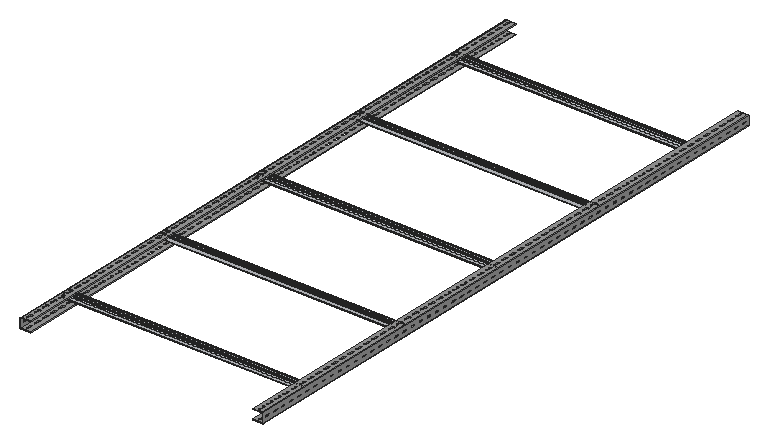
Revit family "steigeleiter_1200_FT", category Generic Models, Revit 2017 (continued)
Forms (mm)
  Extrusion 306, void
    sketch origin (0, 250, 0) x (0, 1, 0) y (0, 0, 1)
      loop
        arc (34.5, 19.5) -> (40, 25) -> (34.5, 30.5) r 5.5
    from -600 to -597.5
  Extrusion 307, void
    sketch origin (0, 300, 0) x (0, 1, 0) y (0, 0, 1)
      loop
        line (34.5, 30.5) -> (15.5, 30.5)
        arc (15.5, 30.5) -> (10, 25) -> (15.5, 19.5) r 5.5
        line (15.5, 19.5) -> (34.5, 19.5)
        arc (34.5, 19.5) -> (40, 25) -> (34.5, 30.5) r 5.5
    from -600 to -597.5
  Extrusion 308, void
    sketch origin (0, 350, 0) x (0, 1, 0) y (0, 0, 1)
      loop
        line (34.5, 30.5) -> (15.5, 30.5)
        arc (15.5, 30.5) -> (10, 25) -> (15.5, 19.5) r 5.5
        line (15.5, 19.5) -> (34.5, 19.5)
        arc (34.5, 19.5) -> (40, 25) -> (34.5, 30.5) r 5.5
    from -600 to -597.5
  Extrusion 309, void
    sketch origin (0, 400, 0) x (0, 1, 0) y (0, 0, 1)
      loop
        line (34.5, 30.5) -> (15.5, 30.5)
        arc (15.5, 30.5) -> (10, 25) -> (15.5, 19.5) r 5.5
        line (15.5, 19.5) -> (34.5, 19.5)
        arc (34.5, 19.5) -> (40, 25) -> (34.5, 30.5) r 5.5
    from -600 to -597.5
  Extrusion 310, void
    sketch origin (0, 450, 0) x (0, 1, 0) y (0, 0, 1)
      loop
        line (34.5, 30.5) -> (15.5, 30.5)
        arc (15.5, 30.5) -> (10, 25) -> (15.5, 19.5) r 5.5
        line (15.5, 19.5) -> (34.5, 19.5)
        arc (34.5, 19.5) -> (40, 25) -> (34.5, 30.5) r 5.5
    from -600 to -597.5
  Extrusion 311, void
    sketch origin (0, 500, 0) x (0, 1, 0) y (0, 0, 1)
      loop
        line (34.5, 30.5) -> (15.5, 30.5)
        arc (15.5, 30.5) -> (10, 25) -> (15.5, 19.5) r 5.5
        line (15.5, 19.5) -> (34.5, 19.5)
        arc (34.5, 19.5) -> (40, 25) -> (34.5, 30.5) r 5.5
    from -600 to -597.5
  Extrusion 312, void
    sketch origin (0, 550, 0) x (0, 1, 0) y (0, 0, 1)
      loop
        line (34.5, 30.5) -> (15.5, 30.5)
        arc (15.5, 30.5) -> (10, 25) -> (15.5, 19.5) r 5.5
        line (15.5, 19.5) -> (34.5, 19.5)
        arc (34.5, 19.5) -> (40, 25) -> (34.5, 30.5) r 5.5
    from -600 to -597.5
  Extrusion 313, void
    sketch origin (0, 600, 0) x (0, 1, 0) y (0, 0, 1)
      loop
        line (34.5, 30.5) -> (15.5, 30.5)
        arc (15.5, 30.5) -> (10, 25) -> (15.5, 19.5) r 5.5
        line (15.5, 19.5) -> (34.5, 19.5)
        arc (34.5, 19.5) -> (40, 25) -> (34.5, 30.5) r 5.5
    from -600 to -597.5
  Extrusion 314, void
    sketch origin (0, 650, 0) x (0, 1, 0) y (0, 0, 1)
      loop
        line (34.5, 30.5) -> (15.5, 30.5)
        arc (15.5, 30.5) -> (10, 25) -> (15.5, 19.5) r 5.5
        line (15.5, 19.5) -> (34.5, 19.5)
        arc (34.5, 19.5) -> (40, 25) -> (34.5, 30.5) r 5.5
    from -600 to -597.5
  Extrusion 315, void
    sketch origin (0, 700, 0) x (0, 1, 0) y (0, 0, 1)
      loop
        line (34.5, 30.5) -> (15.5, 30.5)
        arc (15.5, 30.5) -> (10, 25) -> (15.5, 19.5) r 5.5
        line (15.5, 19.5) -> (34.5, 19.5)
        arc (34.5, 19.5) -> (40, 25) -> (34.5, 30.5) r 5.5
    from -600 to -597.5
  Extrusion 316, void
    sketch origin (0, 750, 0) x (0, 1, 0) y (0, 0, 1)
      loop
        line (34.5, 30.5) -> (15.5, 30.5)
        arc (15.5, 30.5) -> (10, 25) -> (15.5, 19.5) r 5.5
        line (15.5, 19.5) -> (34.5, 19.5)
        arc (34.5, 19.5) -> (40, 25) -> (34.5, 30.5) r 5.5
    from -600 to -597.5
  Extrusion 317, void
    sketch origin (0, 800, 0) x (0, 1, 0) y (0, 0, 1)
      loop
        line (34.5, 30.5) -> (15.5, 30.5)
        arc (15.5, 30.5) -> (10, 25) -> (15.5, 19.5) r 5.5
        line (15.5, 19.5) -> (34.5, 19.5)
        arc (34.5, 19.5) -> (40, 25) -> (34.5, 30.5) r 5.5
    from -600 to -597.5
  Extrusion 318, void
    sketch origin (0, 850, 0) x (0, 1, 0) y (0, 0, 1)
      loop
        line (34.5, 30.5) -> (15.5, 30.5)
        arc (15.5, 30.5) -> (10, 25) -> (15.5, 19.5) r 5.5
        line (15.5, 19.5) -> (34.5, 19.5)
        arc (34.5, 19.5) -> (40, 25) -> (34.5, 30.5) r 5.5
    from -600 to -597.5
  Extrusion 319, void
    sketch origin (0, 900, 0) x (0, 1, 0) y (0, 0, 1)
      loop
        line (34.5, 30.5) -> (15.5, 30.5)
        arc (15.5, 30.5) -> (10, 25) -> (15.5, 19.5) r 5.5
        line (15.5, 19.5) -> (34.5, 19.5)
        arc (34.5, 19.5) -> (40, 25) -> (34.5, 30.5) r 5.5
    from -600 to -597.5
  Extrusion 320, void
    sketch origin (0, 950, 0) x (0, 1, 0) y (0, 0, 1)
      loop
        line (34.5, 30.5) -> (15.5, 30.5)
        arc (15.5, 30.5) -> (10, 25) -> (15.5, 19.5) r 5.5
        line (15.5, 19.5) -> (34.5, 19.5)
        arc (34.5, 19.5) -> (40, 25) -> (34.5, 30.5) r 5.5
    from -600 to -597.5
  Extrusion 321, void
    sketch origin (0, 1000, 0) x (0, 1, 0) y (0, 0, 1)
      loop
        line (34.5, 30.5) -> (15.5, 30.5)
        arc (15.5, 30.5) -> (10, 25) -> (15.5, 19.5) r 5.5
        line (15.5, 19.5) -> (34.5, 19.5)
        arc (34.5, 19.5) -> (40, 25) -> (34.5, 30.5) r 5.5
    from -600 to -597.5
  Extrusion 322, void
    sketch origin (0, 1050, 0) x (0, 1, 0) y (0, 0, 1)
      loop
        line (34.5, 30.5) -> (15.5, 30.5)
        arc (15.5, 30.5) -> (10, 25) -> (15.5, 19.5) r 5.5
        line (15.5, 19.5) -> (34.5, 19.5)
        arc (34.5, 19.5) -> (40, 25) -> (34.5, 30.5) r 5.5
    from -600 to -597.5
  Extrusion 323, void
    sketch origin (0, 1100, 0) x (0, 1, 0) y (0, 0, 1)
      loop
        line (34.5, 30.5) -> (15.5, 30.5)
        arc (15.5, 30.5) -> (10, 25) -> (15.5, 19.5) r 5.5
        line (15.5, 19.5) -> (34.5, 19.5)
        arc (34.5, 19.5) -> (40, 25) -> (34.5, 30.5) r 5.5
    from -600 to -597.5
  Extrusion 324, void
    sketch origin (0, 1150, 0) x (0, 1, 0) y (0, 0, 1)
      loop
        line (34.5, 30.5) -> (15.5, 30.5)
        arc (15.5, 30.5) -> (10, 25) -> (15.5, 19.5) r 5.5
        line (15.5, 19.5) -> (34.5, 19.5)
        arc (34.5, 19.5) -> (40, 25) -> (34.5, 30.5) r 5.5
    from -600 to -597.5
  Extrusion 325, void
    sketch origin (0, 1200, 0) x (0, 1, 0) y (0, 0, 1)
      loop
        line (34.5, 30.5) -> (15.5, 30.5)
        arc (15.5, 30.5) -> (10, 25) -> (15.5, 19.5) r 5.5
        line (15.5, 19.5) -> (34.5, 19.5)
        arc (34.5, 19.5) -> (40, 25) -> (34.5, 30.5) r 5.5
    from -600 to -597.5
  Extrusion 326, void
    sketch origin (0, 1250, 0) x (0, 1, 0) y (0, 0, 1)
      loop
        line (34.5, 30.5) -> (15.5, 30.5)
        arc (15.5, 30.5) -> (10, 25) -> (15.5, 19.5) r 5.5
        line (15.5, 19.5) -> (34.5, 19.5)
        arc (34.5, 19.5) -> (40, 25) -> (34.5, 30.5) r 5.5
    from -600 to -597.5
  Extrusion 327, void
    sketch origin (0, 1300, 0) x (0, 1, 0) y (0, 0, 1)
      loop
        line (34.5, 30.5) -> (15.5, 30.5)
        arc (15.5, 30.5) -> (10, 25) -> (15.5, 19.5) r 5.5
        line (15.5, 19.5) -> (34.5, 19.5)
        arc (34.5, 19.5) -> (40, 25) -> (34.5, 30.5) r 5.5
    from -600 to -597.5
  Extrusion 328, void
    sketch origin (0, 1350, 0) x (0, 1, 0) y (0, 0, 1)
      loop
        line (34.5, 30.5) -> (15.5, 30.5)
        arc (15.5, 30.5) -> (10, 25) -> (15.5, 19.5) r 5.5
        line (15.5, 19.5) -> (34.5, 19.5)
        arc (34.5, 19.5) -> (40, 25) -> (34.5, 30.5) r 5.5
    from -600 to -597.5
  Extrusion 329, void
    sketch origin (0, 1400, 0) x (0, 1, 0) y (0, 0, 1)
      loop
        line (34.5, 30.5) -> (15.5, 30.5)
        arc (15.5, 30.5) -> (10, 25) -> (15.5, 19.5) r 5.5
        line (15.5, 19.5) -> (34.5, 19.5)
        arc (34.5, 19.5) -> (40, 25) -> (34.5, 30.5) r 5.5
    from -600 to -597.5
  Extrusion 330, void
    sketch origin (0, 1450, 0) x (0, 1, 0) y (0, 0, 1)
      loop
        line (34.5, 30.5) -> (15.5, 30.5)
        arc (15.5, 30.5) -> (10, 25) -> (15.5, 19.5) r 5.5
        line (15.5, 19.5) -> (34.5, 19.5)
        arc (34.5, 19.5) -> (40, 25) -> (34.5, 30.5) r 5.5
    from -600 to -597.5
  Extrusion 331, void
    sketch origin (0, 1500, 0) x (0, 1, 0) y (0, 0, 1)
      loop
        line (34.5, 30.5) -> (15.5, 30.5)
        arc (15.5, 30.5) -> (10, 25) -> (15.5, 19.5) r 5.5
        line (15.5, 19.5) -> (34.5, 19.5)
        arc (34.5, 19.5) -> (40, 25) -> (34.5, 30.5) r 5.5
    from -600 to -597.5
  Extrusion 332, void
    sketch origin (0, 1550, 0) x (0, 1, 0) y (0, 0, 1)
      loop
        line (34.5, 30.5) -> (15.5, 30.5)
        arc (15.5, 30.5) -> (10, 25) -> (15.5, 19.5) r 5.5
        line (15.5, 19.5) -> (34.5, 19.5)
        arc (34.5, 19.5) -> (40, 25) -> (34.5, 30.5) r 5.5
    from -600 to -597.5
  Extrusion 333, void
    sketch origin (0, 1600, 0) x (0, 1, 0) y (0, 0, 1)
      loop
        line (34.5, 30.5) -> (15.5, 30.5)
        arc (15.5, 30.5) -> (10, 25) -> (15.5, 19.5) r 5.5
        line (15.5, 19.5) -> (34.5, 19.5)
        arc (34.5, 19.5) -> (40, 25) -> (34.5, 30.5) r 5.5
    from -600 to -597.5
  Extrusion 334, void
    sketch origin (0, 1650, 0) x (0, 1, 0) y (0, 0, 1)
      loop
        line (34.5, 30.5) -> (15.5, 30.5)
        arc (15.5, 30.5) -> (10, 25) -> (15.5, 19.5) r 5.5
        line (15.5, 19.5) -> (34.5, 19.5)
        arc (34.5, 19.5) -> (40, 25) -> (34.5, 30.5) r 5.5
    from -600 to -597.5
  Extrusion 335, void
    sketch origin (0, 1700, 0) x (0, 1, 0) y (0, 0, 1)
      loop
        line (34.5, 30.5) -> (15.5, 30.5)
        arc (15.5, 30.5) -> (10, 25) -> (15.5, 19.5) r 5.5
        line (15.5, 19.5) -> (34.5, 19.5)
        arc (34.5, 19.5) -> (40, 25) -> (34.5, 30.5) r 5.5
    from -600 to -597.5
  Extrusion 336, void
    sketch origin (0, 1750, 0) x (0, 1, 0) y (0, 0, 1)
      loop
        line (34.5, 30.5) -> (15.5, 30.5)
        arc (15.5, 30.5) -> (10, 25) -> (15.5, 19.5) r 5.5
        line (15.5, 19.5) -> (34.5, 19.5)
        arc (34.5, 19.5) -> (40, 25) -> (34.5, 30.5) r 5.5
    from -600 to -597.5
  Extrusion 337, void
    sketch origin (0, 1800, 0) x (0, 1, 0) y (0, 0, 1)
      loop
        line (34.5, 30.5) -> (15.5, 30.5)
        arc (15.5, 30.5) -> (10, 25) -> (15.5, 19.5) r 5.5
        line (15.5, 19.5) -> (34.5, 19.5)
        arc (34.5, 19.5) -> (40, 25) -> (34.5, 30.5) r 5.5
    from -600 to -597.5
  Extrusion 338, void
    sketch origin (0, 1850, 0) x (0, 1, 0) y (0, 0, 1)
      loop
        line (34.5, 30.5) -> (15.5, 30.5)
        arc (15.5, 30.5) -> (10, 25) -> (15.5, 19.5) r 5.5
        line (15.5, 19.5) -> (34.5, 19.5)
        arc (34.5, 19.5) -> (40, 25) -> (34.5, 30.5) r 5.5
    from -600 to -597.5
  Extrusion 339, void
    sketch origin (0, 1900, 0) x (0, 1, 0) y (0, 0, 1)
      loop
        line (34.5, 30.5) -> (15.5, 30.5)
        arc (15.5, 30.5) -> (10, 25) -> (15.5, 19.5) r 5.5
        line (15.5, 19.5) -> (34.5, 19.5)
        arc (34.5, 19.5) -> (40, 25) -> (34.5, 30.5) r 5.5
    from -600 to -597.5
  Extrusion 340, void
    sketch origin (0, 1950, 0) x (0, 1, 0) y (0, 0, 1)
      loop
        line (34.5, 30.5) -> (15.5, 30.5)
        arc (15.5, 30.5) -> (10, 25) -> (15.5, 19.5) r 5.5
        line (15.5, 19.5) -> (34.5, 19.5)
        arc (34.5, 19.5) -> (40, 25) -> (34.5, 30.5) r 5.5
    from -600 to -597.5
  Extrusion 341, void
    sketch origin (0, 2000, 0) x (0, 1, 0) y (0, 0, 1)
      loop
        line (34.5, 30.5) -> (15.5, 30.5)
        arc (15.5, 30.5) -> (10, 25) -> (15.5, 19.5) r 5.5
        line (15.5, 19.5) -> (34.5, 19.5)
        arc (34.5, 19.5) -> (40, 25) -> (34.5, 30.5) r 5.5
    from -600 to -597.5
  Extrusion 342, void
    sketch origin (0, 2050, 0) x (0, 1, 0) y (0, 0, 1)
      loop
        line (34.5, 30.5) -> (15.5, 30.5)
        arc (15.5, 30.5) -> (10, 25) -> (15.5, 19.5) r 5.5
        line (15.5, 19.5) -> (34.5, 19.5)
        arc (34.5, 19.5) -> (40, 25) -> (34.5, 30.5) r 5.5
    from -600 to -597.5
  Extrusion 343, void
    sketch origin (0, 2100, 0) x (0, 1, 0) y (0, 0, 1)
      loop
        line (34.5, 30.5) -> (15.5, 30.5)
        arc (15.5, 30.5) -> (10, 25) -> (15.5, 19.5) r 5.5
        line (15.5, 19.5) -> (34.5, 19.5)
        arc (34.5, 19.5) -> (40, 25) -> (34.5, 30.5) r 5.5
    from -600 to -597.5
  Extrusion 344, void
    sketch origin (0, 2150, 0) x (0, 1, 0) y (0, 0, 1)
      loop
        line (34.5, 30.5) -> (15.5, 30.5)
        arc (15.5, 30.5) -> (10, 25) -> (15.5, 19.5) r 5.5
        line (15.5, 19.5) -> (34.5, 19.5)
        arc (34.5, 19.5) -> (40, 25) -> (34.5, 30.5) r 5.5
    from -600 to -597.5
  Extrusion 345, void
    sketch origin (0, 2200, 0) x (0, 1, 0) y (0, 0, 1)
      loop
        line (34.5, 30.5) -> (15.5, 30.5)
        arc (15.5, 30.5) -> (10, 25) -> (15.5, 19.5) r 5.5
        line (15.5, 19.5) -> (34.5, 19.5)
        arc (34.5, 19.5) -> (40, 25) -> (34.5, 30.5) r 5.5
    from -600 to -597.5
  Extrusion 346, void
    sketch origin (0, 2250, 0) x (0, 1, 0) y (0, 0, 1)
      loop
        line (34.5, 30.5) -> (15.5, 30.5)
        arc (15.5, 30.5) -> (10, 25) -> (15.5, 19.5) r 5.5
        line (15.5, 19.5) -> (34.5, 19.5)
        arc (34.5, 19.5) -> (40, 25) -> (34.5, 30.5) r 5.5
    from -600 to -597.5
  Extrusion 347, void
    sketch origin (0, 2300, 0) x (0, 1, 0) y (0, 0, 1)
      loop
        line (34.5, 30.5) -> (15.5, 30.5)
        arc (15.5, 30.5) -> (10, 25) -> (15.5, 19.5) r 5.5
        line (15.5, 19.5) -> (34.5, 19.5)
        arc (34.5, 19.5) -> (40, 25) -> (34.5, 30.5) r 5.5
    from -600 to -597.5
  Extrusion 348, void
    sketch origin (0, 2350, 0) x (0, 1, 0) y (0, 0, 1)
      loop
        line (34.5, 30.5) -> (15.5, 30.5)
        arc (15.5, 30.5) -> (10, 25) -> (15.5, 19.5) r 5.5
        line (15.5, 19.5) -> (34.5, 19.5)
        arc (34.5, 19.5) -> (40, 25) -> (34.5, 30.5) r 5.5
    from -600 to -597.5
  Extrusion 349, void
    sketch origin (0, 2400, 0) x (0, 1, 0) y (0, 0, 1)
      loop
        line (34.5, 30.5) -> (15.5, 30.5)
        arc (15.5, 30.5) -> (10, 25) -> (15.5, 19.5) r 5.5
        line (15.5, 19.5) -> (34.5, 19.5)
        arc (34.5, 19.5) -> (40, 25) -> (34.5, 30.5) r 5.5
    from -600 to -597.5
  Extrusion 350, void
    sketch origin (0, 2450, 0) x (0, 1, 0) y (0, 0, 1)
      loop
        line (34.5, 30.5) -> (15.5, 30.5)
        arc (15.5, 30.5) -> (10, 25) -> (15.5, 19.5) r 5.5
        line (15.5, 19.5) -> (34.5, 19.5)
        arc (34.5, 19.5) -> (40, 25) -> (34.5, 30.5) r 5.5
    from -600 to -597.5
  Extrusion 351, void
    sketch origin (0, 2500, 0) x (0, 1, 0) y (0, 0, 1)
      loop
        line (34.5, 30.5) -> (15.5, 30.5)
        arc (15.5, 30.5) -> (10, 25) -> (15.5, 19.5) r 5.5
        line (15.5, 19.5) -> (34.5, 19.5)
        arc (34.5, 19.5) -> (40, 25) -> (34.5, 30.5) r 5.5
    from -600 to -597.5
  Extrusion 352, void
    sketch origin (0, 2550, 0) x (0, 1, 0) y (0, 0, 1)
      loop
        line (34.5, 30.5) -> (15.5, 30.5)
        arc (15.5, 30.5) -> (10, 25) -> (15.5, 19.5) r 5.5
        line (15.5, 19.5) -> (34.5, 19.5)
        arc (34.5, 19.5) -> (40, 25) -> (34.5, 30.5) r 5.5
    from -600 to -597.5
  Extrusion 353, void
    sketch origin (0, 2600, 0) x (0, 1, 0) y (0, 0, 1)
      loop
        line (34.5, 30.5) -> (15.5, 30.5)
        arc (15.5, 30.5) -> (10, 25) -> (15.5, 19.5) r 5.5
        line (15.5, 19.5) -> (34.5, 19.5)
        arc (34.5, 19.5) -> (40, 25) -> (34.5, 30.5) r 5.5
    from -600 to -597.5
  Extrusion 354, void
    sketch origin (0, 2650, 0) x (0, 1, 0) y (0, 0, 1)
      loop
        line (34.5, 30.5) -> (15.5, 30.5)
        arc (15.5, 30.5) -> (10, 25) -> (15.5, 19.5) r 5.5
        line (15.5, 19.5) -> (34.5, 19.5)
        arc (34.5, 19.5) -> (40, 25) -> (34.5, 30.5) r 5.5
    from -600 to -597.5
  Extrusion 355, void
    sketch origin (0, 2700, 0) x (0, 1, 0) y (0, 0, 1)
      loop
        line (34.5, 30.5) -> (15.5, 30.5)
        arc (15.5, 30.5) -> (10, 25) -> (15.5, 19.5) r 5.5
        line (15.5, 19.5) -> (34.5, 19.5)
        arc (34.5, 19.5) -> (40, 25) -> (34.5, 30.5) r 5.5
    from -600 to -597.5
  Extrusion 356, void
    sketch origin (0, 2750, 0) x (0, 1, 0) y (0, 0, 1)
      loop
        line (34.5, 30.5) -> (15.5, 30.5)
        arc (15.5, 30.5) -> (10, 25) -> (15.5, 19.5) r 5.5
        line (15.5, 19.5) -> (34.5, 19.5)
        arc (34.5, 19.5) -> (40, 25) -> (34.5, 30.5) r 5.5
    from -600 to -597.5
  Extrusion 357, void
    sketch origin (0, 2800, 0) x (0, 1, 0) y (0, 0, 1)
      loop
        line (34.5, 30.5) -> (15.5, 30.5)
        arc (15.5, 30.5) -> (10, 25) -> (15.5, 19.5) r 5.5
        line (15.5, 19.5) -> (34.5, 19.5)
        arc (34.5, 19.5) -> (40, 25) -> (34.5, 30.5) r 5.5
    from -600 to -597.5
  Extrusion 358, void
    sketch origin (0, 2850, 0) x (0, 1, 0) y (0, 0, 1)
      loop
        line (34.5, 30.5) -> (15.5, 30.5)
        arc (15.5, 30.5) -> (10, 25) -> (15.5, 19.5) r 5.5
        line (15.5, 19.5) -> (34.5, 19.5)
        arc (34.5, 19.5) -> (40, 25) -> (34.5, 30.5) r 5.5
    from -600 to -597.5
  Extrusion 359, void
    sketch origin (0, 2900, 0) x (0, 1, 0) y (0, 0, 1)
      loop
        line (34.5, 30.5) -> (15.5, 30.5)
        arc (15.5, 30.5) -> (10, 25) -> (15.5, 19.5) r 5.5
        line (15.5, 19.5) -> (34.5, 19.5)
        arc (34.5, 19.5) -> (40, 25) -> (34.5, 30.5) r 5.5
    from -600 to -597.5
  Extrusion 360, void
    sketch origin (0, 2950, 0) x (0, 1, 0) y (0, 0, 1)
      loop
        line (34.5, 30.5) -> (15.5, 30.5)
        arc (15.5, 30.5) -> (10, 25) -> (15.5, 19.5) r 5.5
        line (15.5, 19.5) -> (34.5, 19.5)
        arc (34.5, 19.5) -> (40, 25) -> (34.5, 30.5) r 5.5
    from -600 to -597.5
  Extrusion 361, void
    sketch origin (0, 0, 0) x (0, 1, 0) y (0, 0, 1)
      loop
        line (34.5, 30.5) -> (15.5, 30.5)
        arc (15.5, 30.5) -> (10, 25) -> (15.5, 19.5) r 5.5
        line (15.5, 19.5) -> (34.5, 19.5)
        arc (34.5, 19.5) -> (40, 25) -> (34.5, 30.5) r 5.5
    from -600 to -597.5
  Extrusion 362, solid
    sketch origin (0, 0, 0) x (0, 1, 0) y (0, 0, 1)
      loop
        arc (257.5, 27) -> (256.086, 27.586) -> (255.5, 29) r 2
        line (255.5, 29) -> (255.5, 43.5)
        arc (255.5, 43.5) -> (256.086, 44.914) -> (257.5, 45.5) r 2
        line (257.5, 45.5) -> (261.5, 45.5)
        arc (261.5, 45.5) -> (262.207, 45.207) -> (262.5, 44.5) r 1
        line (262.5, 44.5) -> (262.5, 42) -> (264.5, 42) -> (264.5, 44.5)
        arc (264.5, 44.5) -> (263.621, 46.621) -> (261.5, 47.5) r 3
        line (261.5, 47.5) -> (257.5, 47.5)
        arc (257.5, 47.5) -> (254.672, 46.328) -> (253.5, 43.5) r 4
        line (253.5, 43.5) -> (253.5, 29)
        arc (253.5, 29) -> (254.672, 26.172) -> (257.5, 25) r 4
        line (257.5, 25) -> (289.5, 25)
        arc (289.5, 25) -> (292.328, 26.172) -> (293.5, 29) r 4
        line (293.5, 29) -> (293.5, 43.5)
        arc (293.5, 43.5) -> (292.328, 46.328) -> (289.5, 47.5) r 4
        line (289.5, 47.5) -> (285.527, 47.5)
        arc (285.527, 47.5) -> (283.387, 46.613) -> (282.5, 44.473) r 3.027
        line (282.5, 44.473) -> (282.5, 42) -> (284.5, 42) -> (284.5, 44.473)
        arc (284.5, 44.473) -> (284.801, 45.199) -> (285.527, 45.5) r 1.027
        line (285.527, 45.5) -> (289.5, 45.5)
        arc (289.5, 45.5) -> (290.914, 44.914) -> (291.5, 43.5) r 2
        line (291.5, 43.5) -> (291.5, 29)
        arc (291.5, 29) -> (290.914, 27.586) -> (289.5, 27) r 2
        line (289.5, 27) -> (257.5, 27)
    from -597.5 to 597.5
  Extrusion 363, solid
    sketch origin (0, 600, 0) x (0, 1, 0) y (0, 0, 1)
      loop
        arc (257.5, 27) -> (256.086, 27.586) -> (255.5, 29) r 2
        line (255.5, 29) -> (255.5, 43.5)
        arc (255.5, 43.5) -> (256.086, 44.914) -> (257.5, 45.5) r 2
        line (257.5, 45.5) -> (261.5, 45.5)
        arc (261.5, 45.5) -> (262.207, 45.207) -> (262.5, 44.5) r 1
        line (262.5, 44.5) -> (262.5, 42) -> (264.5, 42) -> (264.5, 44.5)
        arc (264.5, 44.5) -> (263.621, 46.621) -> (261.5, 47.5) r 3
        line (261.5, 47.5) -> (257.5, 47.5)
        arc (257.5, 47.5) -> (254.672, 46.328) -> (253.5, 43.5) r 4
        line (253.5, 43.5) -> (253.5, 29)
        arc (253.5, 29) -> (254.672, 26.172) -> (257.5, 25) r 4
        line (257.5, 25) -> (289.5, 25)
        arc (289.5, 25) -> (292.328, 26.172) -> (293.5, 29) r 4
        line (293.5, 29) -> (293.5, 43.5)
        arc (293.5, 43.5) -> (292.328, 46.328) -> (289.5, 47.5) r 4
        line (289.5, 47.5) -> (285.527, 47.5)
        arc (285.527, 47.5) -> (283.387, 46.613) -> (282.5, 44.473) r 3.027
        line (282.5, 44.473) -> (282.5, 42) -> (284.5, 42) -> (284.5, 44.473)
        arc (284.5, 44.473) -> (284.801, 45.199) -> (285.527, 45.5) r 1.027
        line (285.527, 45.5) -> (289.5, 45.5)
        arc (289.5, 45.5) -> (290.914, 44.914) -> (291.5, 43.5) r 2
        line (291.5, 43.5) -> (291.5, 29)
        arc (291.5, 29) -> (290.914, 27.586) -> (289.5, 27) r 2
        line (289.5, 27) -> (257.5, 27)
    from -597.5 to 597.5
  Extrusion 364, solid
    sketch origin (0, 1200, 0) x (0, 1, 0) y (0, 0, 1)
      loop
        arc (257.5, 27) -> (256.086, 27.586) -> (255.5, 29) r 2
        line (255.5, 29) -> (255.5, 43.5)
        arc (255.5, 43.5) -> (256.086, 44.914) -> (257.5, 45.5) r 2
        line (257.5, 45.5) -> (261.5, 45.5)
        arc (261.5, 45.5) -> (262.207, 45.207) -> (262.5, 44.5) r 1
        line (262.5, 44.5) -> (262.5, 42) -> (264.5, 42) -> (264.5, 44.5)
        arc (264.5, 44.5) -> (263.621, 46.621) -> (261.5, 47.5) r 3
        line (261.5, 47.5) -> (257.5, 47.5)
        arc (257.5, 47.5) -> (254.672, 46.328) -> (253.5, 43.5) r 4
        line (253.5, 43.5) -> (253.5, 29)
        arc (253.5, 29) -> (254.672, 26.172) -> (257.5, 25) r 4
        line (257.5, 25) -> (289.5, 25)
        arc (289.5, 25) -> (292.328, 26.172) -> (293.5, 29) r 4
        line (293.5, 29) -> (293.5, 43.5)
        arc (293.5, 43.5) -> (292.328, 46.328) -> (289.5, 47.5) r 4
        line (289.5, 47.5) -> (285.527, 47.5)
        arc (285.527, 47.5) -> (283.387, 46.613) -> (282.5, 44.473) r 3.027
        line (282.5, 44.473) -> (282.5, 42) -> (284.5, 42) -> (284.5, 44.473)
        arc (284.5, 44.473) -> (284.801, 45.199) -> (285.527, 45.5) r 1.027
        line (285.527, 45.5) -> (289.5, 45.5)
        arc (289.5, 45.5) -> (290.914, 44.914) -> (291.5, 43.5) r 2
        line (291.5, 43.5) -> (291.5, 29)
        arc (291.5, 29) -> (290.914, 27.586) -> (289.5, 27) r 2
        line (289.5, 27) -> (257.5, 27)
    from -597.5 to 597.5
  Extrusion 365, solid
    sketch origin (0, 1800, 0) x (0, 1, 0) y (0, 0, 1)
      loop
        arc (257.5, 27) -> (256.086, 27.586) -> (255.5, 29) r 2
        line (255.5, 29) -> (255.5, 43.5)
        arc (255.5, 43.5) -> (256.086, 44.914) -> (257.5, 45.5) r 2
        line (257.5, 45.5) -> (261.5, 45.5)
        arc (261.5, 45.5) -> (262.207, 45.207) -> (262.5, 44.5) r 1
        line (262.5, 44.5) -> (262.5, 42) -> (264.5, 42) -> (264.5, 44.5)
        arc (264.5, 44.5) -> (263.621, 46.621) -> (261.5, 47.5) r 3
        line (261.5, 47.5) -> (257.5, 47.5)
        arc (257.5, 47.5) -> (254.672, 46.328) -> (253.5, 43.5) r 4
        line (253.5, 43.5) -> (253.5, 29)
        arc (253.5, 29) -> (254.672, 26.172) -> (257.5, 25) r 4
        line (257.5, 25) -> (289.5, 25)
        arc (289.5, 25) -> (292.328, 26.172) -> (293.5, 29) r 4
        line (293.5, 29) -> (293.5, 43.5)
        arc (293.5, 43.5) -> (292.328, 46.328) -> (289.5, 47.5) r 4
        line (289.5, 47.5) -> (285.527, 47.5)
        arc (285.527, 47.5) -> (283.387, 46.613) -> (282.5, 44.473) r 3.027
        line (282.5, 44.473) -> (282.5, 42) -> (284.5, 42) -> (284.5, 44.473)
        arc (284.5, 44.473) -> (284.801, 45.199) -> (285.527, 45.5) r 1.027
        line (285.527, 45.5) -> (289.5, 45.5)
        arc (289.5, 45.5) -> (290.914, 44.914) -> (291.5, 43.5) r 2
        line (291.5, 43.5) -> (291.5, 29)
        arc (291.5, 29) -> (290.914, 27.586) -> (289.5, 27) r 2
        line (289.5, 27) -> (257.5, 27)
    from -597.5 to 597.5
  Extrusion 366, solid
    sketch origin (0, 2400, 0) x (0, 1, 0) y (0, 0, 1)
      loop
        arc (257.5, 27) -> (256.086, 27.586) -> (255.5, 29) r 2
        line (255.5, 29) -> (255.5, 43.5)
        arc (255.5, 43.5) -> (256.086, 44.914) -> (257.5, 45.5) r 2
        line (257.5, 45.5) -> (261.5, 45.5)
        arc (261.5, 45.5) -> (262.207, 45.207) -> (262.5, 44.5) r 1
        line (262.5, 44.5) -> (262.5, 42) -> (264.5, 42) -> (264.5, 44.5)
        arc (264.5, 44.5) -> (263.621, 46.621) -> (261.5, 47.5) r 3
        line (261.5, 47.5) -> (257.5, 47.5)
        arc (257.5, 47.5) -> (254.672, 46.328) -> (253.5, 43.5) r 4
        line (253.5, 43.5) -> (253.5, 29)
        arc (253.5, 29) -> (254.672, 26.172) -> (257.5, 25) r 4
        line (257.5, 25) -> (289.5, 25)
        arc (289.5, 25) -> (292.328, 26.172) -> (293.5, 29) r 4
        line (293.5, 29) -> (293.5, 43.5)
        arc (293.5, 43.5) -> (292.328, 46.328) -> (289.5, 47.5) r 4
        line (289.5, 47.5) -> (285.527, 47.5)
        arc (285.527, 47.5) -> (283.387, 46.613) -> (282.5, 44.473) r 3.027
        line (282.5, 44.473) -> (282.5, 42) -> (284.5, 42) -> (284.5, 44.473)
        arc (284.5, 44.473) -> (284.801, 45.199) -> (285.527, 45.5) r 1.027
        line (285.527, 45.5) -> (289.5, 45.5)
        arc (289.5, 45.5) -> (290.914, 44.914) -> (291.5, 43.5) r 2
        line (291.5, 43.5) -> (291.5, 29)
        arc (291.5, 29) -> (290.914, 27.586) -> (289.5, 27) r 2
        line (289.5, 27) -> (257.5, 27)
    from -597.5 to 597.5
Cuts and joins
  Extrusion 2, Extrusion 3, Extrusion 4, Extrusion 5, Extrusion 6, Extrusion 7, Extrusion 8, Extrusion 9, Extrusion 10, Extrusion 11, Extrusion 12, Extrusion 13, Extrusion 14, Extrusion 15, Extrusion 16, Extrusion 17, Extrusion 18, Extrusion 19, Extrusion 20, Extrusion 21, Extrusion 22, Extrusion 23, Extrusion 24, Extrusion 25, Extrusion 26, Extrusion 27, Extrusion 28, Extrusion 29, Extrusion 30, Extrusion 31, Extrusion 32, Extrusion 33, Extrusion 34, Extrusion 35, Extrusion 36, Extrusion 37, Extrusion 38, Extrusion 39, Extrusion 40, Extrusion 41, Extrusion 42, Extrusion 43, Extrusion 44, Extrusion 45, Extrusion 46, Extrusion 47, Extrusion 48, Extrusion 49, Extrusion 50, Extrusion 51, Extrusion 52, Extrusion 53, Extrusion 54, Extrusion 55, Extrusion 56, Extrusion 57, Extrusion 58, Extrusion 59, Extrusion 60, Extrusion 61, Extrusion 62, Extrusion 63, Extrusion 64, Extrusion 65, Extrusion 66, Extrusion 67, Extrusion 68, Extrusion 69, Extrusion 70, Extrusion 71, Extrusion 72, Extrusion 73, Extrusion 74, Extrusion 75, Extrusion 76, Extrusion 77, Extrusion 78, Extrusion 79, Extrusion 80, Extrusion 81, Extrusion 82, Extrusion 83, Extrusion 84, Extrusion 85, Extrusion 86, Extrusion 87, Extrusion 88, Extrusion 89, Extrusion 90, Extrusion 91, Extrusion 92, Extrusion 93, Extrusion 94, Extrusion 95, Extrusion 96, Extrusion 97, Extrusion 98, Extrusion 99, Extrusion 100, Extrusion 101, Extrusion 102, Extrusion 103, Extrusion 104, Extrusion 105, Extrusion 106, Extrusion 107, Extrusion 108, Extrusion 109, Extrusion 110, Extrusion 111, Extrusion 112, Extrusion 113, Extrusion 114, Extrusion 115, Extrusion 116, Extrusion 117, Extrusion 118, Extrusion 119, Extrusion 120, Extrusion 121, Extrusion 122, Extrusion 123, Extrusion 124, Extrusion 125, Extrusion 126, Extrusion 127, Extrusion 128, Extrusion 129, Extrusion 130, Extrusion 131, Extrusion 132, Extrusion 133, Extrusion 134, Extrusion 135, Extrusion 136, Extrusion 137, Extrusion 138, Extrusion 139, Extrusion 140, Extrusion 141, Extrusion 142, Extrusion 143, Extrusion 144, Extrusion 145, Extrusion 146, Extrusion 147, Extrusion 148, Extrusion 149, Extrusion 150, Extrusion 151, Extrusion 152, Extrusion 153, Extrusion 154, Extrusion 155, Extrusion 156, Extrusion 157, Extrusion 158, Extrusion 159, Extrusion 160, Extrusion 161, Extrusion 162, Extrusion 163, Extrusion 164, Extrusion 165, Extrusion 166, Extrusion 167, Extrusion 168, Extrusion 169, Extrusion 170, Extrusion 171, Extrusion 172, Extrusion 173, Extrusion 174, Extrusion 175, Extrusion 176, Extrusion 177, Extrusion 178, Extrusion 179, Extrusion 180, Extrusion 181, Extrusion 182, Extrusion 183, Extrusion 184, Extrusion 185, Extrusion 186, Extrusion 187, Extrusion 188, Extrusion 189, Extrusion 190, Extrusion 191, Extrusion 192, Extrusion 193, Extrusion 194, Extrusion 195, Extrusion 196, Extrusion 197, Extrusion 198, Extrusion 199, Extrusion 200, Extrusion 201, Extrusion 202, Extrusion 203, Extrusion 204, Extrusion 205, Extrusion 206, Extrusion 207, Extrusion 208, Extrusion 209, Extrusion 210, Extrusion 211, Extrusion 212, Extrusion 213, Extrusion 214, Extrusion 215, Extrusion 216, Extrusion 217, Extrusion 218, Extrusion 219, Extrusion 220, Extrusion 221, Extrusion 222, Extrusion 223, Extrusion 224, Extrusion 225, Extrusion 226, Extrusion 227, Extrusion 228, Extrusion 229, Extrusion 230, Extrusion 231, Extrusion 232, Extrusion 233, Extrusion 234, Extrusion 235, Extrusion 236, Extrusion 237, Extrusion 238, Extrusion 239, Extrusion 240, Extrusion 241, Extrusion 242, Extrusion 243, Extrusion 244, Extrusion 245, Extrusion 246, Extrusion 247, Extrusion 248, Extrusion 249, Extrusion 250, Extrusion 251, Extrusion 252, Extrusion 253, Extrusion 254, Extrusion 255, Extrusion 256, Extrusion 257, Extrusion 258, Extrusion 259, Extrusion 260, Extrusion 261, Extrusion 262, Extrusion 263, Extrusion 264, Extrusion 265, Extrusion 266, Extrusion 267, Extrusion 268, Extrusion 269, Extrusion 270, Extrusion 271, Extrusion 272, Extrusion 273, Extrusion 274, Extrusion 275, Extrusion 276, Extrusion 277, Extrusion 278, Extrusion 279, Extrusion 280, Extrusion 281, Extrusion 282, Extrusion 283, Extrusion 284, Extrusion 285, Extrusion 286, Extrusion 287, Extrusion 288, Extrusion 289, Extrusion 290, Extrusion 291, Extrusion 292, Extrusion 293, Extrusion 294, Extrusion 295, Extrusion 296, Extrusion 297, Extrusion 298, Extrusion 299, Extrusion 300, Extrusion 301, Extrusion 302, Extrusion 303, Extrusion 304, Extrusion 305, Extrusion 306, Extrusion 307, Extrusion 308, Extrusion 309, Extrusion 310, Extrusion 311, Extrusion 312, Extrusion 313, Extrusion 314, Extrusion 315, Extrusion 316, Extrusion 317, Extrusion 318, Extrusion 319, Extrusion 320, Extrusion 321, Extrusion 322, Extrusion 323, Extrusion 324, Extrusion 325, Extrusion 326, Extrusion 327, Extrusion 328, Extrusion 329, Extrusion 330, Extrusion 331, Extrusion 332, Extrusion 333, Extrusion 334, Extrusion 335, Extrusion 336, Extrusion 337, Extrusion 338, Extrusion 339, Extrusion 340, Extrusion 341, Extrusion 342, Extrusion 343, Extrusion 344, Extrusion 345, Extrusion 346, Extrusion 347, Extrusion 348, Extrusion 349, Extrusion 350, Extrusion 351, Extrusion 352, Extrusion 353, Extrusion 354, Extrusion 355, Extrusion 356, Extrusion 357, Extrusion 358, Extrusion 359, Extrusion 360, Extrusion 361 cuts Extrusion 1
Dimensions and locks
  locked: Extrusion 1 sketch curve to Extrusion 1 sketch curve at 2.5  (x6)
  Extrusion 1 sketch curve to Extrusion 1 sketch curve = 2.5 mm  (x3)
  locked: level to Extrusion 1 at 2.5
  "Length": plane 5 to plane 1 "Center (Front/Back)"
  locked: Extrusion 1 sketch curve to Extrusion 1 sketch curve at 50  (x6)
  Extrusion 1 sketch curve to Extrusion 1 sketch curve = 50 mm
  "Width": Extrusion 1 to Extrusion 1
  "Width 1": Extrusion 1 to plane 3 "Center (Left/Right)"
  locked: Extrusion 2 sketch curve to Extrusion 2 sketch curve at 11
  locked: Extrusion 3 sketch curve to Extrusion 3 sketch curve at 11
  locked: Extrusion 4 sketch curve to Extrusion 4 sketch curve at 11
  locked: Extrusion 5 sketch curve to Extrusion 5 sketch curve at 11
  locked: Extrusion 6 sketch curve to Extrusion 6 sketch curve at 11
  locked: Extrusion 7 sketch curve to Extrusion 7 sketch curve at 11
  locked: Extrusion 8 sketch curve to Extrusion 8 sketch curve at 11
  locked: Extrusion 9 sketch curve to Extrusion 9 sketch curve at 11
  locked: Extrusion 10 sketch curve to Extrusion 10 sketch curve at 11
  locked: Extrusion 11 sketch curve to Extrusion 11 sketch curve at 11
  locked: Extrusion 12 sketch curve to Extrusion 12 sketch curve at 11
  locked: Extrusion 13 sketch curve to Extrusion 13 sketch curve at 11
  locked: Extrusion 14 sketch curve to Extrusion 14 sketch curve at 11
  locked: Extrusion 15 sketch curve to Extrusion 15 sketch curve at 11
  locked: Extrusion 16 sketch curve to Extrusion 16 sketch curve at 11
  locked: Extrusion 17 sketch curve to Extrusion 17 sketch curve at 11
  locked: Extrusion 18 sketch curve to Extrusion 18 sketch curve at 11
  locked: Extrusion 19 sketch curve to Extrusion 19 sketch curve at 11
  locked: Extrusion 20 sketch curve to Extrusion 20 sketch curve at 11
  locked: Extrusion 21 sketch curve to Extrusion 21 sketch curve at 11
  locked: Extrusion 22 sketch curve to Extrusion 22 sketch curve at 11
  locked: Extrusion 23 sketch curve to Extrusion 23 sketch curve at 11
  locked: Extrusion 24 sketch curve to Extrusion 24 sketch curve at 11
  locked: Extrusion 25 sketch curve to Extrusion 25 sketch curve at 11
  locked: Extrusion 26 sketch curve to Extrusion 26 sketch curve at 11
  locked: Extrusion 27 sketch curve to Extrusion 27 sketch curve at 11
  locked: Extrusion 28 sketch curve to Extrusion 28 sketch curve at 11
  locked: Extrusion 29 sketch curve to Extrusion 29 sketch curve at 11
  locked: Extrusion 30 sketch curve to Extrusion 30 sketch curve at 11
  locked: Extrusion 31 sketch curve to Extrusion 31 sketch curve at 11
  locked: Extrusion 32 sketch curve to Extrusion 32 sketch curve at 11
  locked: Extrusion 33 sketch curve to Extrusion 33 sketch curve at 11
  locked: Extrusion 34 sketch curve to Extrusion 34 sketch curve at 11
  locked: Extrusion 35 sketch curve to Extrusion 35 sketch curve at 11
  locked: Extrusion 36 sketch curve to Extrusion 36 sketch curve at 11
  locked: Extrusion 37 sketch curve to Extrusion 37 sketch curve at 11
  locked: Extrusion 38 sketch curve to Extrusion 38 sketch curve at 11
  locked: Extrusion 39 sketch curve to Extrusion 39 sketch curve at 11
  locked: Extrusion 40 sketch curve to Extrusion 40 sketch curve at 11
  locked: Extrusion 41 sketch curve to Extrusion 41 sketch curve at 11
  locked: Extrusion 42 sketch curve to Extrusion 42 sketch curve at 11
  locked: Extrusion 43 sketch curve to Extrusion 43 sketch curve at 11
  locked: Extrusion 44 sketch curve to Extrusion 44 sketch curve at 11
  locked: Extrusion 45 sketch curve to Extrusion 45 sketch curve at 11
  locked: Extrusion 46 sketch curve to Extrusion 46 sketch curve at 11
  locked: Extrusion 47 sketch curve to Extrusion 47 sketch curve at 11
  locked: Extrusion 48 sketch curve to Extrusion 48 sketch curve at 11
  locked: Extrusion 49 sketch curve to Extrusion 49 sketch curve at 11
  locked: Extrusion 50 sketch curve to Extrusion 50 sketch curve at 11
  locked: Extrusion 51 sketch curve to Extrusion 51 sketch curve at 11
  locked: Extrusion 52 sketch curve to Extrusion 52 sketch curve at 11
  locked: Extrusion 53 sketch curve to Extrusion 53 sketch curve at 11
  locked: Extrusion 54 sketch curve to Extrusion 54 sketch curve at 11
  locked: Extrusion 55 sketch curve to Extrusion 55 sketch curve at 11
  locked: Extrusion 56 sketch curve to Extrusion 56 sketch curve at 11
  locked: Extrusion 57 sketch curve to Extrusion 57 sketch curve at 11
  locked: Extrusion 58 sketch curve to Extrusion 58 sketch curve at 11
  locked: Extrusion 59 sketch curve to Extrusion 59 sketch curve at 11
  locked: Extrusion 60 sketch curve to Extrusion 60 sketch curve at 11
  locked: Extrusion 61 sketch curve to Extrusion 61 sketch curve at 11
  locked: Extrusion 62 sketch curve to Extrusion 62 sketch curve at 11
  locked: Extrusion 63 sketch curve to Extrusion 63 sketch curve at 11
  locked: Extrusion 64 sketch curve to Extrusion 64 sketch curve at 11
  locked: Extrusion 65 sketch curve to Extrusion 65 sketch curve at 11
  locked: Extrusion 66 sketch curve to Extrusion 66 sketch curve at 11
  locked: Extrusion 67 sketch curve to Extrusion 67 sketch curve at 11
  locked: Extrusion 68 sketch curve to Extrusion 68 sketch curve at 11
  locked: Extrusion 69 sketch curve to Extrusion 69 sketch curve at 11
  locked: Extrusion 70 sketch curve to Extrusion 70 sketch curve at 11
  locked: Extrusion 71 sketch curve to Extrusion 71 sketch curve at 11
  locked: Extrusion 72 sketch curve to Extrusion 72 sketch curve at 11
  locked: Extrusion 73 sketch curve to Extrusion 73 sketch curve at 11
  locked: Extrusion 74 sketch curve to Extrusion 74 sketch curve at 11
  locked: Extrusion 75 sketch curve to Extrusion 75 sketch curve at 11
  locked: Extrusion 76 sketch curve to Extrusion 76 sketch curve at 11
  locked: Extrusion 77 sketch curve to Extrusion 77 sketch curve at 11
  locked: Extrusion 78 sketch curve to Extrusion 78 sketch curve at 11
  locked: Extrusion 79 sketch curve to Extrusion 79 sketch curve at 11
  locked: Extrusion 80 sketch curve to Extrusion 80 sketch curve at 11
  locked: Extrusion 81 sketch curve to Extrusion 81 sketch curve at 11
  locked: Extrusion 82 sketch curve to Extrusion 82 sketch curve at 11
  locked: Extrusion 83 sketch curve to Extrusion 83 sketch curve at 11
  locked: Extrusion 84 sketch curve to Extrusion 84 sketch curve at 11
  locked: Extrusion 85 sketch curve to Extrusion 85 sketch curve at 11
  locked: Extrusion 86 sketch curve to Extrusion 86 sketch curve at 11
  locked: Extrusion 87 sketch curve to Extrusion 87 sketch curve at 11
  locked: Extrusion 88 sketch curve to Extrusion 88 sketch curve at 11
  locked: Extrusion 89 sketch curve to Extrusion 89 sketch curve at 11
  locked: Extrusion 90 sketch curve to Extrusion 90 sketch curve at 11
  locked: Extrusion 91 sketch curve to Extrusion 91 sketch curve at 11
  locked: Extrusion 92 sketch curve to Extrusion 92 sketch curve at 11
  locked: Extrusion 93 sketch curve to Extrusion 93 sketch curve at 11
  locked: Extrusion 94 sketch curve to Extrusion 94 sketch curve at 11
  locked: Extrusion 95 sketch curve to Extrusion 95 sketch curve at 11
  locked: Extrusion 96 sketch curve to Extrusion 96 sketch curve at 11
  locked: Extrusion 97 sketch curve to Extrusion 97 sketch curve at 11
  locked: Extrusion 98 sketch curve to Extrusion 98 sketch curve at 11
  locked: Extrusion 99 sketch curve to Extrusion 99 sketch curve at 11
  locked: Extrusion 100 sketch curve to Extrusion 100 sketch curve at 11
  locked: Extrusion 101 sketch curve to Extrusion 101 sketch curve at 11
  locked: Extrusion 102 sketch curve to Extrusion 102 sketch curve at 11
  locked: Extrusion 103 sketch curve to Extrusion 103 sketch curve at 11
  locked: Extrusion 104 sketch curve to Extrusion 104 sketch curve at 11
  locked: Extrusion 105 sketch curve to Extrusion 105 sketch curve at 11
  locked: Extrusion 106 sketch curve to Extrusion 106 sketch curve at 11
  locked: Extrusion 107 sketch curve to Extrusion 107 sketch curve at 11
  locked: Extrusion 108 sketch curve to Extrusion 108 sketch curve at 11
  locked: Extrusion 109 sketch curve to Extrusion 109 sketch curve at 11
  locked: Extrusion 110 sketch curve to Extrusion 110 sketch curve at 11
  locked: Extrusion 111 sketch curve to Extrusion 111 sketch curve at 11
  locked: Extrusion 112 sketch curve to Extrusion 112 sketch curve at 11
  locked: Extrusion 113 sketch curve to Extrusion 113 sketch curve at 11
  locked: Extrusion 114 sketch curve to Extrusion 114 sketch curve at 11
  locked: Extrusion 115 sketch curve to Extrusion 115 sketch curve at 11
  locked: Extrusion 116 sketch curve to Extrusion 116 sketch curve at 11
  locked: Extrusion 117 sketch curve to Extrusion 117 sketch curve at 11
  locked: Extrusion 118 sketch curve to Extrusion 118 sketch curve at 11
  locked: Extrusion 119 sketch curve to Extrusion 119 sketch curve at 11
  locked: Extrusion 120 sketch curve to Extrusion 120 sketch curve at 11
  locked: Extrusion 121 sketch curve to Extrusion 121 sketch curve at 11
  locked: Extrusion 122 sketch curve to Extrusion 122 sketch curve at 11
  locked: Extrusion 123 sketch curve to Extrusion 123 sketch curve at 11
  equal spacing: group 119, group 120, group 121, group 122, group 123, group 124, group 125, group 126, group 127, group 128, group 129, group 130, group 131, group 132, group 133, group 134, group 135, group 136, group 137, group 138, group 139, group 140, group 141, group 142, group 143, group 144, group 145, group 146, group 147, group 148, group 149, group 150, group 151, group 152, group 153, group 154, group 155, group 156, group 157, group 158, group 159, group 160, group 161, group 162, group 163, group 164, group 165, group 166, group 167, group 168, group 169, group 170, group 171, group 172, group 173, group 174, group 175, group 176, group 177, group 178  (x3)
  locked: Extrusion 124 sketch curve to Extrusion 124 sketch curve at 11
  locked: Extrusion 125 sketch curve to Extrusion 125 sketch curve at 11
  locked: Extrusion 126 sketch curve to Extrusion 126 sketch curve at 11
  locked: Extrusion 127 sketch curve to Extrusion 127 sketch curve at 11
  locked: Extrusion 128 sketch curve to Extrusion 128 sketch curve at 11
  locked: Extrusion 129 sketch curve to Extrusion 129 sketch curve at 11
  locked: Extrusion 130 sketch curve to Extrusion 130 sketch curve at 11
  locked: Extrusion 131 sketch curve to Extrusion 131 sketch curve at 11
  locked: Extrusion 132 sketch curve to Extrusion 132 sketch curve at 11
  locked: Extrusion 133 sketch curve to Extrusion 133 sketch curve at 11
  locked: Extrusion 134 sketch curve to Extrusion 134 sketch curve at 11
  locked: Extrusion 135 sketch curve to Extrusion 135 sketch curve at 11
  locked: Extrusion 136 sketch curve to Extrusion 136 sketch curve at 11
  locked: Extrusion 137 sketch curve to Extrusion 137 sketch curve at 11
  locked: Extrusion 138 sketch curve to Extrusion 138 sketch curve at 11
  locked: Extrusion 139 sketch curve to Extrusion 139 sketch curve at 11
  locked: Extrusion 140 sketch curve to Extrusion 140 sketch curve at 11
  locked: Extrusion 141 sketch curve to Extrusion 141 sketch curve at 11
  locked: Extrusion 142 sketch curve to Extrusion 142 sketch curve at 11
  locked: Extrusion 143 sketch curve to Extrusion 143 sketch curve at 11
  locked: Extrusion 144 sketch curve to Extrusion 144 sketch curve at 11
  locked: Extrusion 145 sketch curve to Extrusion 145 sketch curve at 11
  locked: Extrusion 146 sketch curve to Extrusion 146 sketch curve at 11
  locked: Extrusion 147 sketch curve to Extrusion 147 sketch curve at 11
  locked: Extrusion 148 sketch curve to Extrusion 148 sketch curve at 11
  locked: Extrusion 149 sketch curve to Extrusion 149 sketch curve at 11
  locked: Extrusion 150 sketch curve to Extrusion 150 sketch curve at 11
  locked: Extrusion 151 sketch curve to Extrusion 151 sketch curve at 11
  locked: Extrusion 152 sketch curve to Extrusion 152 sketch curve at 11
  locked: Extrusion 153 sketch curve to Extrusion 153 sketch curve at 11
  locked: Extrusion 154 sketch curve to Extrusion 154 sketch curve at 11
  locked: Extrusion 155 sketch curve to Extrusion 155 sketch curve at 11
  locked: Extrusion 156 sketch curve to Extrusion 156 sketch curve at 11
  locked: Extrusion 157 sketch curve to Extrusion 157 sketch curve at 11
  locked: Extrusion 158 sketch curve to Extrusion 158 sketch curve at 11
  locked: Extrusion 159 sketch curve to Extrusion 159 sketch curve at 11
  locked: Extrusion 160 sketch curve to Extrusion 160 sketch curve at 11
  locked: Extrusion 161 sketch curve to Extrusion 161 sketch curve at 11
  locked: Extrusion 162 sketch curve to Extrusion 162 sketch curve at 11
  locked: Extrusion 163 sketch curve to Extrusion 163 sketch curve at 11
  locked: Extrusion 164 sketch curve to Extrusion 164 sketch curve at 11
  locked: Extrusion 165 sketch curve to Extrusion 165 sketch curve at 11
  locked: Extrusion 166 sketch curve to Extrusion 166 sketch curve at 11
  locked: Extrusion 167 sketch curve to Extrusion 167 sketch curve at 11
  locked: Extrusion 168 sketch curve to Extrusion 168 sketch curve at 11
  locked: Extrusion 169 sketch curve to Extrusion 169 sketch curve at 11
  locked: Extrusion 170 sketch curve to Extrusion 170 sketch curve at 11
  locked: Extrusion 171 sketch curve to Extrusion 171 sketch curve at 11
  locked: Extrusion 172 sketch curve to Extrusion 172 sketch curve at 11
  locked: Extrusion 173 sketch curve to Extrusion 173 sketch curve at 11
  locked: Extrusion 174 sketch curve to Extrusion 174 sketch curve at 11
  locked: Extrusion 175 sketch curve to Extrusion 175 sketch curve at 11
  locked: Extrusion 176 sketch curve to Extrusion 176 sketch curve at 11
  locked: Extrusion 177 sketch curve to Extrusion 177 sketch curve at 11
  locked: Extrusion 178 sketch curve to Extrusion 178 sketch curve at 11
  locked: Extrusion 179 sketch curve to Extrusion 179 sketch curve at 11
  locked: Extrusion 180 sketch curve to Extrusion 180 sketch curve at 11
  locked: Extrusion 181 sketch curve to Extrusion 181 sketch curve at 11
  locked: Extrusion 182 sketch curve to Extrusion 182 sketch curve at 11
  locked: Extrusion 183 sketch curve to Extrusion 183 sketch curve at 11
  equal spacing: group 179, group 180, group 181, group 182, group 183, group 184, group 185, group 186, group 187, group 188, group 189, group 190, group 191, group 192, group 193, group 194, group 195, group 196, group 197, group 198, group 199, group 200, group 201, group 202, group 203, group 204, group 205, group 206, group 207, group 208, group 209, group 210, group 211, group 212, group 213, group 214, group 215, group 216, group 217, group 218, group 219, group 220, group 221, group 222, group 223, group 224, group 225, group 226, group 227, group 228, group 229, group 230, group 231, group 232, group 233, group 234, group 235, group 236, group 237, group 238  (x3)
  locked: Extrusion 184 sketch curve to Extrusion 184 sketch curve at 11
  locked: Extrusion 185 sketch curve to Extrusion 185 sketch curve at 11
  locked: Extrusion 186 sketch curve to Extrusion 186 sketch curve at 11
  locked: Extrusion 187 sketch curve to Extrusion 187 sketch curve at 11
  locked: Extrusion 188 sketch curve to Extrusion 188 sketch curve at 11
  locked: Extrusion 189 sketch curve to Extrusion 189 sketch curve at 11
  locked: Extrusion 190 sketch curve to Extrusion 190 sketch curve at 11
  locked: Extrusion 191 sketch curve to Extrusion 191 sketch curve at 11
  locked: Extrusion 192 sketch curve to Extrusion 192 sketch curve at 11
  locked: Extrusion 193 sketch curve to Extrusion 193 sketch curve at 11
  locked: Extrusion 194 sketch curve to Extrusion 194 sketch curve at 11
  locked: Extrusion 195 sketch curve to Extrusion 195 sketch curve at 11
  locked: Extrusion 196 sketch curve to Extrusion 196 sketch curve at 11
  locked: Extrusion 197 sketch curve to Extrusion 197 sketch curve at 11
  locked: Extrusion 198 sketch curve to Extrusion 198 sketch curve at 11
  locked: Extrusion 199 sketch curve to Extrusion 199 sketch curve at 11
  locked: Extrusion 200 sketch curve to Extrusion 200 sketch curve at 11
  locked: Extrusion 201 sketch curve to Extrusion 201 sketch curve at 11
  locked: Extrusion 202 sketch curve to Extrusion 202 sketch curve at 11
  locked: Extrusion 203 sketch curve to Extrusion 203 sketch curve at 11
  locked: Extrusion 204 sketch curve to Extrusion 204 sketch curve at 11
  locked: Extrusion 205 sketch curve to Extrusion 205 sketch curve at 11
  locked: Extrusion 206 sketch curve to Extrusion 206 sketch curve at 11
  locked: Extrusion 207 sketch curve to Extrusion 207 sketch curve at 11
  locked: Extrusion 208 sketch curve to Extrusion 208 sketch curve at 11
  locked: Extrusion 209 sketch curve to Extrusion 209 sketch curve at 11
  locked: Extrusion 210 sketch curve to Extrusion 210 sketch curve at 11
  locked: Extrusion 211 sketch curve to Extrusion 211 sketch curve at 11
  locked: Extrusion 212 sketch curve to Extrusion 212 sketch curve at 11
  locked: Extrusion 213 sketch curve to Extrusion 213 sketch curve at 11
  locked: Extrusion 214 sketch curve to Extrusion 214 sketch curve at 11
  locked: Extrusion 215 sketch curve to Extrusion 215 sketch curve at 11
  locked: Extrusion 216 sketch curve to Extrusion 216 sketch curve at 11
  locked: Extrusion 217 sketch curve to Extrusion 217 sketch curve at 11
  locked: Extrusion 218 sketch curve to Extrusion 218 sketch curve at 11
  locked: Extrusion 219 sketch curve to Extrusion 219 sketch curve at 11
  locked: Extrusion 220 sketch curve to Extrusion 220 sketch curve at 11
  locked: Extrusion 221 sketch curve to Extrusion 221 sketch curve at 11
  locked: Extrusion 222 sketch curve to Extrusion 222 sketch curve at 11
  locked: Extrusion 223 sketch curve to Extrusion 223 sketch curve at 11
  locked: Extrusion 224 sketch curve to Extrusion 224 sketch curve at 11
  locked: Extrusion 225 sketch curve to Extrusion 225 sketch curve at 11
  locked: Extrusion 226 sketch curve to Extrusion 226 sketch curve at 11
  locked: Extrusion 227 sketch curve to Extrusion 227 sketch curve at 11
  locked: Extrusion 228 sketch curve to Extrusion 228 sketch curve at 11
  locked: Extrusion 229 sketch curve to Extrusion 229 sketch curve at 11
  locked: Extrusion 230 sketch curve to Extrusion 230 sketch curve at 11
  locked: Extrusion 231 sketch curve to Extrusion 231 sketch curve at 11
  locked: Extrusion 232 sketch curve to Extrusion 232 sketch curve at 11
  locked: Extrusion 233 sketch curve to Extrusion 233 sketch curve at 11
  locked: Extrusion 234 sketch curve to Extrusion 234 sketch curve at 11
  locked: Extrusion 235 sketch curve to Extrusion 235 sketch curve at 11
  locked: Extrusion 236 sketch curve to Extrusion 236 sketch curve at 11
  locked: Extrusion 237 sketch curve to Extrusion 237 sketch curve at 11
  locked: Extrusion 238 sketch curve to Extrusion 238 sketch curve at 11
  locked: Extrusion 239 sketch curve to Extrusion 239 sketch curve at 11
  locked: Extrusion 240 sketch curve to Extrusion 240 sketch curve at 11
  locked: Extrusion 241 sketch curve to Extrusion 241 sketch curve at 11
  locked: Extrusion 242 sketch curve to Extrusion 242 sketch curve at 11
  locked: Extrusion 243 sketch curve to Extrusion 243 sketch curve at 11
  locked: Extrusion 244 sketch curve to Extrusion 244 sketch curve at 11
  locked: Extrusion 245 sketch curve to Extrusion 245 sketch curve at 11
  locked: Extrusion 246 sketch curve to Extrusion 246 sketch curve at 11
  locked: Extrusion 247 sketch curve to Extrusion 247 sketch curve at 11
  locked: Extrusion 248 sketch curve to Extrusion 248 sketch curve at 11
  locked: Extrusion 249 sketch curve to Extrusion 249 sketch curve at 11
  locked: Extrusion 250 sketch curve to Extrusion 250 sketch curve at 11
  locked: Extrusion 251 sketch curve to Extrusion 251 sketch curve at 11
  locked: Extrusion 252 sketch curve to Extrusion 252 sketch curve at 11
  locked: Extrusion 253 sketch curve to Extrusion 253 sketch curve at 11
  locked: Extrusion 254 sketch curve to Extrusion 254 sketch curve at 11
  locked: Extrusion 255 sketch curve to Extrusion 255 sketch curve at 11
  locked: Extrusion 256 sketch curve to Extrusion 256 sketch curve at 11
  locked: Extrusion 257 sketch curve to Extrusion 257 sketch curve at 11
  locked: Extrusion 258 sketch curve to Extrusion 258 sketch curve at 11
  locked: Extrusion 259 sketch curve to Extrusion 259 sketch curve at 11
  locked: Extrusion 260 sketch curve to Extrusion 260 sketch curve at 11
  locked: Extrusion 261 sketch curve to Extrusion 261 sketch curve at 11
  locked: Extrusion 262 sketch curve to Extrusion 262 sketch curve at 11
  locked: Extrusion 263 sketch curve to Extrusion 263 sketch curve at 11
  locked: Extrusion 264 sketch curve to Extrusion 264 sketch curve at 11
  locked: Extrusion 265 sketch curve to Extrusion 265 sketch curve at 11
  locked: Extrusion 266 sketch curve to Extrusion 266 sketch curve at 11
  locked: Extrusion 267 sketch curve to Extrusion 267 sketch curve at 11
  locked: Extrusion 268 sketch curve to Extrusion 268 sketch curve at 11
  locked: Extrusion 269 sketch curve to Extrusion 269 sketch curve at 11
  locked: Extrusion 270 sketch curve to Extrusion 270 sketch curve at 11
  locked: Extrusion 271 sketch curve to Extrusion 271 sketch curve at 11
  locked: Extrusion 272 sketch curve to Extrusion 272 sketch curve at 11
  locked: Extrusion 273 sketch curve to Extrusion 273 sketch curve at 11
  locked: Extrusion 274 sketch curve to Extrusion 274 sketch curve at 11
  locked: Extrusion 275 sketch curve to Extrusion 275 sketch curve at 11
  locked: Extrusion 276 sketch curve to Extrusion 276 sketch curve at 11
  locked: Extrusion 277 sketch curve to Extrusion 277 sketch curve at 11
  locked: Extrusion 278 sketch curve to Extrusion 278 sketch curve at 11
  locked: Extrusion 279 sketch curve to Extrusion 279 sketch curve at 11
  locked: Extrusion 280 sketch curve to Extrusion 280 sketch curve at 11
  locked: Extrusion 281 sketch curve to Extrusion 281 sketch curve at 11
  locked: Extrusion 282 sketch curve to Extrusion 282 sketch curve at 11
  locked: Extrusion 283 sketch curve to Extrusion 283 sketch curve at 11
  locked: Extrusion 284 sketch curve to Extrusion 284 sketch curve at 11
  locked: Extrusion 285 sketch curve to Extrusion 285 sketch curve at 11
  locked: Extrusion 286 sketch curve to Extrusion 286 sketch curve at 11
  locked: Extrusion 287 sketch curve to Extrusion 287 sketch curve at 11
  locked: Extrusion 288 sketch curve to Extrusion 288 sketch curve at 11
  locked: Extrusion 289 sketch curve to Extrusion 289 sketch curve at 11
  locked: Extrusion 290 sketch curve to Extrusion 290 sketch curve at 11
  locked: Extrusion 291 sketch curve to Extrusion 291 sketch curve at 11
  locked: Extrusion 292 sketch curve to Extrusion 292 sketch curve at 11
  locked: Extrusion 293 sketch curve to Extrusion 293 sketch curve at 11
  locked: Extrusion 294 sketch curve to Extrusion 294 sketch curve at 11
  locked: Extrusion 295 sketch curve to Extrusion 295 sketch curve at 11
  locked: Extrusion 296 sketch curve to Extrusion 296 sketch curve at 11
  locked: Extrusion 297 sketch curve to Extrusion 297 sketch curve at 11
  locked: Extrusion 298 sketch curve to Extrusion 298 sketch curve at 11
  locked: Extrusion 299 sketch curve to Extrusion 299 sketch curve at 11
  locked: Extrusion 300 sketch curve to Extrusion 300 sketch curve at 11
  locked: Extrusion 301 sketch curve to Extrusion 301 sketch curve at 11
  group 295 to group 296 = 0 mm  (x2)
  group 296 to group 295 = 50 mm
  locked: Extrusion 302 sketch curve to Extrusion 302 sketch curve at 11
  locked: Extrusion 303 sketch curve to Extrusion 303 sketch curve at 11
  locked: Extrusion 304 sketch curve to Extrusion 304 sketch curve at 11
  locked: Extrusion 305 sketch curve to Extrusion 305 sketch curve at 11
  locked: Extrusion 306 sketch curve to Extrusion 306 sketch curve at 11
  locked: Extrusion 307 sketch curve to Extrusion 307 sketch curve at 11
  locked: Extrusion 308 sketch curve to Extrusion 308 sketch curve at 11
  locked: Extrusion 309 sketch curve to Extrusion 309 sketch curve at 11
  locked: Extrusion 310 sketch curve to Extrusion 310 sketch curve at 11
  locked: Extrusion 311 sketch curve to Extrusion 311 sketch curve at 11
  locked: Extrusion 312 sketch curve to Extrusion 312 sketch curve at 11
  locked: Extrusion 313 sketch curve to Extrusion 313 sketch curve at 11
  locked: Extrusion 314 sketch curve to Extrusion 314 sketch curve at 11
  locked: Extrusion 315 sketch curve to Extrusion 315 sketch curve at 11
  locked: Extrusion 316 sketch curve to Extrusion 316 sketch curve at 11
  locked: Extrusion 317 sketch curve to Extrusion 317 sketch curve at 11
  locked: Extrusion 318 sketch curve to Extrusion 318 sketch curve at 11
  locked: Extrusion 319 sketch curve to Extrusion 319 sketch curve at 11
  locked: Extrusion 320 sketch curve to Extrusion 320 sketch curve at 11
  locked: Extrusion 321 sketch curve to Extrusion 321 sketch curve at 11
  locked: Extrusion 322 sketch curve to Extrusion 322 sketch curve at 11
  locked: Extrusion 323 sketch curve to Extrusion 323 sketch curve at 11
  locked: Extrusion 324 sketch curve to Extrusion 324 sketch curve at 11
  locked: Extrusion 325 sketch curve to Extrusion 325 sketch curve at 11
  locked: Extrusion 326 sketch curve to Extrusion 326 sketch curve at 11
  locked: Extrusion 327 sketch curve to Extrusion 327 sketch curve at 11
  locked: Extrusion 328 sketch curve to Extrusion 328 sketch curve at 11
  locked: Extrusion 329 sketch curve to Extrusion 329 sketch curve at 11
  locked: Extrusion 330 sketch curve to Extrusion 330 sketch curve at 11
  locked: Extrusion 331 sketch curve to Extrusion 331 sketch curve at 11
  locked: Extrusion 332 sketch curve to Extrusion 332 sketch curve at 11
  locked: Extrusion 333 sketch curve to Extrusion 333 sketch curve at 11
  locked: Extrusion 334 sketch curve to Extrusion 334 sketch curve at 11
  locked: Extrusion 335 sketch curve to Extrusion 335 sketch curve at 11
  locked: Extrusion 336 sketch curve to Extrusion 336 sketch curve at 11
  locked: Extrusion 337 sketch curve to Extrusion 337 sketch curve at 11
  locked: Extrusion 338 sketch curve to Extrusion 338 sketch curve at 11
  locked: Extrusion 339 sketch curve to Extrusion 339 sketch curve at 11
  locked: Extrusion 340 sketch curve to Extrusion 340 sketch curve at 11
